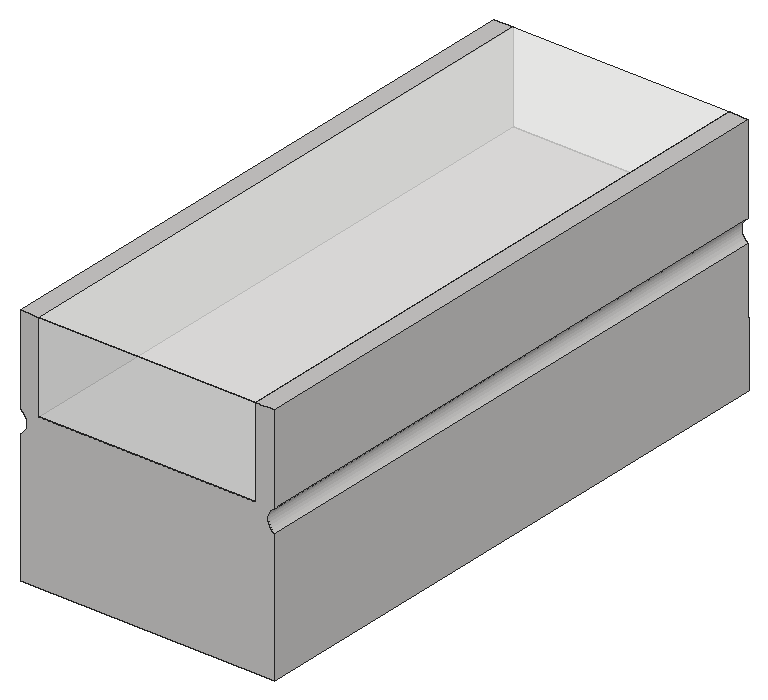
Revit family "Lighting - Luminii - Kurba Small Horizontal", category Lighting Fixtures, host Face, Revit 2020
Family settings
  Host = Face
  Round Connector Dimension = Use Diameter
  Part Type = Normal
  OmniClass Number = 23.80.70.11.14.21
  OmniClass Title = Spots and Tracklight Specialties
  Cut with Voids When Loaded = No
  Light Source = Yes
  Shared = Yes
  Room Calculation Point = No
Parameters (values of type "Kurba Small Horizontal")
  Width = 0' - 0 55/128"  # constant formula
  Wattage Comments = "1.4 W/ft"
  Wattage = 1.4 W
  Warranty URL = "https://www.luminii.com/terms-conditions/"
  built-in parameter 1150110 = 1 (stored number, unit not read)
  Voltage Comments = "120-277VAC"
  Voltage = 120 V
  Version = "2020 - v1.0a"  # constant formula
  URL = "https://www.luminii.com/"
  built-in parameter 1114217 = 1 (stored number, unit not read)
  Tilt Angle = -90.00°
  built-in parameter 1150109 = 1 (stored number, unit not read)
  built-in parameter 1150134 = (empty or 0)
  built-in parameter 1150113 = 1 (stored number, unit not read)
  Support Phone = "224-699-9545"  # constant formula
  Support Email = "mailto:support@bimsmith.com"
  Product Page URL = "https://www.luminii.com/product/kurba-small-horizontal/"
  Product Name = "Kurba Small Horizontal"  # constant formula
  Product Documentation Link = "https://www.luminii.com/wp-content/uploads/z_special_catalog_products/products/kurba-small-horizontal/specsheets/KBS-F-H_specification.pdf"
  Power Source Type = "Driver"
  Power Factor = 1
  Photometric Web File = "KBS-F-H-30K-IEPF-IEC-1M_IESNA2002.IES"
  Phase = 1
  Operating Temperature = "-4°F-113°F"  # constant formula
  Number of Poles = if(and(or(Voltage = 120 V, Voltage = 277 V), Phase = 1), 1, if(and(or(Voltage = 208 V, Voltage = 240 V), Phase = 1), 2, if(and(or(Voltage = 208 V, Voltage = 240 V), Phase = 3), 3, if(and(Voltage > 300 V, Phase = 1), 2, if(and(Voltage > 400 V, Phase = 3), 3, 1)))))  # 1
  Mounting Method = "Surface Mount"  # constant formula
  Model = "KBS-F-H"
  Manufacturer Phone Number = "224-333-6033"  # constant formula
  Manufacturer Email = "mailto:info@luminii.com"
  Manufacturer Address = "7777 N Merrimac Ave, Niles, IL 60714"  # constant formula
  Manufacturer = "Luminii"  # constant formula
  built-in parameter 1150105 = 4.6157 (stored number, unit not read)
  Lumens = 58.002 lm
  built-in parameter 1150115 = 1 (stored number, unit not read)
  Lumen Output = "58 lm/ft"
  Load Classification = Lighting
  built-in parameter 1150137 = (empty or 0)
  built-in parameter 1150139 = (empty or 0)
  Lens Material = Plastic - Luminii - Frosted Lens
  Length Comments [instance] = "Perfomance based on 1\" Photometric Web File"  # constant formula
  Length [instance] = if(Desired Length < 0' 1", 0' 1", if(Desired Length > 30' 0", 30' 0", Desired Length))  # 0' - 1"
  built-in parameter 1150112 = 1 (stored number, unit not read)
  built-in parameter 1150114 = 1 (stored number, unit not read)
  Lamp Life = 1
  Lamp = "LED"
  Keynote = "26 50 00"
  Instruction Sheet Link = "https://www.luminii.com/wp-content/uploads/z_special_catalog_products/products/kurba-small-horizontal/install-guides/Kurba_Installation%20Instructions_0.6.pdf"
  built-in parameter 1150132 = (empty or 0)
  built-in parameter 1150102 = (empty or 0)
  built-in parameter 1150107 = 3000 (stored number, unit not read)
  Initial Color Comments = "Perfomance based on 3500K Photometric Web File"  # constant formula
  built-in parameter 1150138 = (empty or 0)
  built-in parameter 1150106 = 0.046157 (stored number, unit not read)
  Housing Protection Rating = "IP20 Dry/IP66 Wet Series"  # constant formula
  Has Dimming = 0 = 1  # no
  Has Battery Backup = 0 = 1  # no
  Frequency Comments = ""
  Frequency = 60 Hz
  Finish = Metal - Luminii - Silver Anodized Aluminum
  Environment = "Wet"  # constant formula
  Emit from Rectangle Width = Width  # 0' - 0 55/128"
  Emit from Rectangle Length = 0' - 1"
  Emit Shape Visible in Rendering = yes
  built-in parameter 1150104 = 3.849 (stored number, unit not read)
  Dimming Lamp Color Temperature Shift = <None>
  Desired Length [instance] = 0' - 1"
  Description = "Flexible LED Strip"  # constant formula
  Depth = 0' - 0 105/256"  # constant formula
  Default Elevation = 0' - 0"  # constant formula
  Current Amps = 0 A
  Copyright = "©2023 Luminii"  # constant formula
  Color Filter = 16777215
  CCT = "3000K"
  built-in parameter 1114218 = 1 (stored number, unit not read)
  built-in parameter 1150133 = 10 (stored number, unit not read)
  Assembly Code = "D5020230"
  Apparent Load = Wattage / Power Factor  # 1.4 VA
Reference planes (in)
  plane 1 "Center (Front/Back)": y = 0
  plane 2: z = 0
  plane 3 "Center (Left/Right)": x = 0
  plane 4: x = -0.21484
  plane 5: x = 0.21484
  plane 6: y = 0.5
  plane 7: y = -0.5
  plane 8: y = 0.5
  plane 9: y = -0.5
  plane 10: z = 0.41016
Forms (in)
  Extrusion 1, solid, material "Metal - Luminii - Silver Anodized Aluminum", not visible
    sketch origin (0, 0, 0) x (1, 0, 0) y (0, 1, 0)
      loop
        circle (0, 0) r 0.5
    from 0 to -0.17225
  Extrusion 2, solid, material "Metal - Luminii - Silver Anodized Aluminum" <- "Finish"
    sketch origin (0, 0, 0) x (1, 0, 0) y (0, 0, 1)
      loop
        line (0.21484, 0) -> (0.21484, 0.22255)
        arc (0.21484, 0.22255) -> (0.20349, 0.24127) -> (0.21484, 0.26) r 0.02112
        line (0.21484, 0.26) -> (0.21484, 0.41) -> (0.18329, 0.41) -> (0.18329, 0.26) -> (-0.1832, 0.26) -> (-0.1832, 0.41) -> (-0.21484, 0.41) -> (-0.21484, 0.26)
        arc (-0.21484, 0.26) -> (-0.20349, 0.24127) -> (-0.21484, 0.22255) r 0.02112
        line (-0.21484, 0.22255) -> (-0.21484, 0) -> (0.21484, 0)
    from -0.5 to 0.5
  Extrusion 3, solid, material "Plastic - Luminii - Frosted Lens" <- "Lens Material"
    sketch origin (0, 0, -0.416) x (1, 0, 0) y (0, 0, 1)
      loop
        line (-0.1832, 0.826) -> (-0.1832, 0.676) -> (0.18329, 0.676) -> (0.18329, 0.826) -> (-0.1832, 0.826)
    from -0.5 to 0.5
Dimensions and locks (in)
  equal spacing: plane 4, plane 3 "Center (Left/Right)", plane 5
  equal spacing: plane 6, plane 1 "Center (Front/Back)", plane 7
  plane 4 to plane 5 = 0' - 0 55/128"  (x2)
  "Width": plane 5 to plane 4
  "Length": plane 6 to plane 7
  equal spacing: plane 8, plane 1 "Center (Front/Back)", plane 9
  locked: Extrusion 3 sketch curve to plane 4 at 0.03165
  locked: plane 5 to Extrusion 3 sketch curve at 0.03155
  Extrusion 3 sketch curve to Extrusion 3 sketch curve to plane 2 = 0' - 0.15" locked, 0' - 0.26" locked
  locked: Extrusion 2 sketch curve to plane 4 at 0.03165
  locked: plane 5 to Extrusion 2 sketch curve at 0.03155
  Extrusion 2 sketch curve to Extrusion 2 sketch curve to Extrusion 2 sketch curve to Extrusion 2 sketch curve to Extrusion 2 sketch curve to Extrusion 2 sketch curve to Extrusion 2 sketch curve to plane 2 = 0' - 0" locked, 0' - 0.15" locked, 0' - 0" locked, 0' - 0" locked, 0' - 0.03745" locked, 0' - 0" locked, 0' - 0.22255" locked
  locked: plane 2 to Extrusion 1 at 0.17225
  "Depth": plane 10 to plane 2
  aligned and locked: plane 2 to host face
  aligned and locked: level to host face
  aligned and locked: imposter light to plane 1 "Center (Front/Back)"
  aligned and locked: plane 5 to Extrusion 2 sketch curve
  aligned and locked: Extrusion 2 sketch curve to plane 4
  aligned and locked: plane 8 to Extrusion 3
  aligned and locked: Extrusion 2 to plane 8
  aligned and locked: Extrusion 3 to plane 9
  aligned and locked: plane 9 to Extrusion 2
  aligned and locked: plane 7 to plane 9
  aligned and locked: plane 2 to Extrusion 2 sketch curve
  aligned and locked: plane 2 to Extrusion 1
  aligned and locked: plane 1 "Center (Front/Back)" to Extrusion 1 sketch curve
  aligned and locked: plane 3 "Center (Left/Right)" to Extrusion 1 sketch curve
  aligned and locked: imposter light to plane 10
  aligned and locked: plane 3 "Center (Left/Right)" to imposter light
Automatic sketch dimensions
  host sketch curve to host sketch curve = 8' - 0"  (x2)
  Extrusion 2 sketch curve to plane 4 = 0' - 0"
  Extrusion 2 sketch curve to plane 5 = 0' - 0"
  Extrusion 2 sketch curve to plane 4 = 0' - 0.00977"
  plane 5 to Extrusion 2 sketch curve = 0' - 0.00977"
  radius of Extrusion 1 sketch curve = 0' - 0 1/2"
Connectors (in)
  electrical at (0, 0, 0), driven by "Number of Poles", driven by "Load Classification", driven by "Voltage", driven by "Apparent Load", driven by "Power Factor"
    settings: on Extrusion 1, index 1, voltage 120 V, apparent load 1.4 VA, apparent load phase1 0 VA, apparent load phase2 0 VA, apparent load phase3 0 VA, power factor 1, load classification "Lighting", number of poles 1, system type 30, power factor state 1, is connector primary yes, connector utility no, sub classification motor no, connector description "Power Connection"
